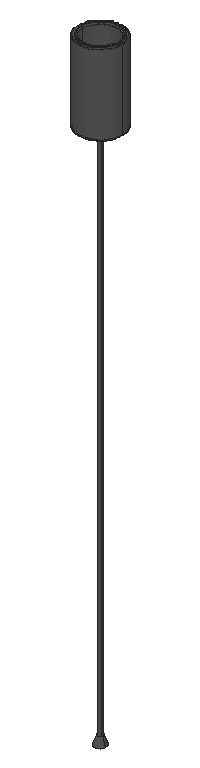
Revit family "CARLO CYLINDER LIGHT Pendant_ Surface", category Lighting Fixtures, host Face, Revit 2020 (continued)
Types (13): name | Wattage_Input | Wattage Comments | Wattage | built-in parameter 1150134 | Size 08 | Size 04 | Photometric Web File | built-in parameter 1150142 | Model | built-in parameter 1150105 | Lumens | built-in parameter 1150107 | built-in parameter 1150106 | Fixture Height | Fixture Diameter | BEAMING ANGLE | Apparent Load
  CCL4-12-20SPSW8-25-PSM-BK | 20 W | "12W/16W/20W" | 11.4446 W | (empty or 0) | no | yes | "CCL4_20W_2700K_25__.IES" | "IESNA:LM-63-2002\r\n[TEST] 001\r\n[TESTLAB] \r\n[TESTDATE] 2024-05-21\r\n[ISSUEDATE] 2024-05-21 11:19:26\r\n[LAMPPOSITION] 0,0\r\n[OTHER] EVERFINE GO-2000B_V1 SYSTEM\r\n[MANUFAC] Aboveall lighting\r\n[LUMINAIRE] CCL4 20W 2700K 25¡ã  \r\nTILT=NONE\r\n1 1658.3 1 181 17 1 2 -0.104 -0.104 0.000\r\n1.000 1 20.089\r\n0.0    1.0    2.0    3.0    4.0    5.0    6.0    7.0    8.0    9.0    \r\n 10.0   11.0   12.0   13.0   14.0   15.0   16.0   17.0   18.0   19.0   \r\n 20.0   21.0   22.0   23.0   24.0   25.0   26.0   27.0   28.0   29.0   \r\n 30.0   31.0   32.0   33.0   34.0   35.0   36.0   37.0   38.0   39.0   \r\n 40.0   41.0   42.0   43.0   44.0   45.0   46.0   47.0   48.0   49.0   \r\n 50.0   51.0   52.0   53.0   54.0   55.0   56.0   57.0   58.0   59.0   \r\n 60.0   61.0   62.0   63.0   64.0   65.0   66.0   67.0   68.0   69.0   \r\n 70.0   71.0   72.0   73.0   74.0   75.0   76.0   77.0   78.0   79.0   \r\n 80.0   81.0   82.0   83.0   84.0   85.0   86.0   87.0   88.0   89.0   \r\n 90.0   91.0   92.0   93.0   94.0   95.0   96.0   97.0   98.0   99.0   \r\n 100.0  101.0  102.0  103.0  104.0  105.0  106.0  107.0  108.0  109.0  \r\n 110.0  111.0  112.0  113.0  114.0  115.0  116.0  117.0  118.0  119.0  \r\n 120.0  121.0  122.0  123.0  124.0  125.0  126.0  127.0  128.0  129.0  \r\n 130.0  131.0  132.0  133.0  134.0  135.0  136.0  137.0  138.0  139.0  \r\n 140.0  141.0  142.0  143.0  144.0  145.0  146.0  147.0  148.0  149.0  \r\n 150.0  151.0  152.0  153.0  154.0  155.0  156.0  157.0  158.0  159.0  \r\n 160.0  161.0  162.0  163.0  164.0  165.0  166.0  167.0  168.0  169.0  \r\n 170.0  171.0  172.0  173.0  174.0  175.0  176.0  177.0  178.0  179.0  \r\n 180.0  \r\n0.0    22.5   45.0   67.5   90.0   112.5  135.0  157.5  180.0  202.5  \r\n 225.0  247.5  270.0  292.5  315.0  337.5  360.0  \r\n6620.4 6652.3 6568 6397.9 6165.2 5903.7 5559.2 5163.1 4721.7 4267.2 \r\n 3801.1 3347.9 2919.3 2515.1 2160.6 1844.2 1583.4 1360.8 1169.9 1045.3 \r\n 921.53 833.22 773.31 723.13 684.52 655.37 632.32 615.14 601.04 590.77 \r\n 580.93 573.35 566.01 548.86 536.53 525.2 512.07 487.51 449.01 404.05 \r\n 349.99 300.35 242.91 192.15 141.99 103.46 65.068 44.767 37.827 31.722 \r\n 26.838 23.61 21.413 19.408 17.365 15.227 13.059 10.995 9.1181 7.4182 \r\n 5.8075 4.5112 3.5 2.7541 2.2137 1.8503 1.6001 1.4108 1.2975 1.1891 \r\n 1.1165 1.0402 0.99191 0.93581 0.86771 0.81137 0.74723 0.69094 0.6268 0.56257 \r\n 0.49834 0.43808 0.3739 0.30984 0.24561 0.19724 0.14511 0.096885 0.05268 0.00058608 \r\n 0 0 0 0 0 0 0 0 0 0 \r\n 0 0 0 0 0 0.015892 0.043795 0.06793 0.10788 0.13612 \r\n 0.18009 0.22028 0.26042 0.31644 0.3647 0.42082 0.46908 0.52504 0.5852 0.64938 \r\n 0.70965 0.7778 0.84604 0.92222 1.0025 1.0788 1.163 1.2433 1.3432 1.4436 \r\n 1.5637 1.6881 1.8245 1.9848 2.1453 2.3377 2.5383 2.7589 3.0114 3.2643 \r\n 3.5364 3.8371 4.1461 4.475 4.8002 5.1373 5.4666 5.8116 6.141 6.4582 \r\n 6.7793 7.0719 7.357 7.6222 7.8594 8.0962 8.2894 8.4821 8.6549 8.8156 \r\n 8.9762 9.1249 9.2611 9.3857 9.4903 9.5788 9.6553 9.7117 9.752 9.7644 \r\n 9.7645 9.7645 9.7089 9.6291 9.5409 9.4605 9.3802 9.3078 9.2633 9.2589 \r\n 9.2385 \r\n6620.4 6671.5 6601.3 6437.7 6217 5957.8 5628 5236.9 4806.7 4342.2 \r\n 3882.9 3425 2992.6 2605.6 2219.2 1896.5 1623.1 1388.3 1200.2 1051.1 \r\n 931.43 840.71 774.77 725.65 687.26 656.64 633.41 614.66 599.86 588.68 \r\n 579.09 569.22 560.63 548.43 535.8 525.2 512.11 488.36 450.4 404.21 \r\n 352.16 301.57 248.07 194.59 143.15 100.21 66.285 45.59 38.906 33.164 \r\n 28.078 24.835 21.975 19.962 17.761 15.65 13.433 11.442 9.5828 7.8012 \r\n 6.1736 4.7767 3.6868 2.9299 2.3237 1.8812 1.5954 1.3943 1.2574 1.1567 \r\n 1.0722 1.0076 0.94317 0.88661 0.82219 0.76978 0.70129 0.64472 0.57621 0.51571 \r\n 0.45516 0.39069 0.33418 0.27364 0.20921 0.15681 0.10851 0.056127 0.012005 0 \r\n 0 0 0 0 0 0 0 0 0 0 \r\n 0 0.000066 0.0081677 0.020304 0.036512 0.060715 0.084956 0.11323 0.1455 0.17774 \r\n 0.21808 0.25849 0.30686 0.35126 0.39971 0.45218 0.50873 0.5732 0.62971 0.69021 \r\n 0.75062 0.81919 0.8878 0.96044 1.0371 1.1179 1.2066 1.2953 1.3802 1.4852 \r\n 1.5982 1.7194 1.8563 2.0097 2.1751 2.3528 2.5467 2.7726 3.0068 3.2651 \r\n 3.5395 3.8222 4.1369 4.4548 4.7856 5.1244 5.4553 5.7981 6.1369 6.4716 \r\n 6.7901 7.0886 7.3868 7.6529 7.9061 8.1279 8.3415 8.539 8.7084 8.8817 \r\n 9.039 9.1922 9.3292 9.4541 9.5668 9.6512 9.7277 9.7838 9.7838 9.7836 \r\n 9.7633 9.7307 9.662 9.5773 9.4966 9.4078 9.3193 9.2513 9.2312 9.2231 \r\n 9.2385 \r\n6620.4 6638.8 6549.5 6368.4 6138.6 5868.8 5522.5 5124.4 4682.7 4223.9 \r\n 3762.5 3317 2886.3 2484.5 2133 1813.2 1544.5 1322.8 1168.1 1014.1 \r\n 904.04 818.36 755.82 707.92 672.71 646.16 623.57 606.08 592.88 581.74 \r\n 571.09 562.5 554.93 542.76 531.2 520.16 506.91 477.63 435.68 390.58 \r\n 337.54 284.32 230.83 181.95 133.55 95.344 57.247 42.718 37.553 32.257 \r\n 27.95 24.506 21.823 19.748 17.684 15.485 13.46 11.364 9.5599 7.7907 \r\n 6.0977 4.6812 3.6107 2.8357 2.2678 1.862 1.5739 1.351 1.2447 1.1597 \r\n 1.0909 1.0142 0.96161 0.90114 0.84455 0.78801 0.72748 0.67488 0.60641 0.54574 \r\n 0.48117 0.41655 0.35992 0.30354 0.247 0.18647 0.14185 0.093433 0.048961 0.00054427 \r\n 0 0 0 0 0 0 0 0 0 0 \r\n 0 0 0 0 0 0.019985 0.048097 0.080354 0.11266 0.14497 \r\n 0.18526 0.22964 0.27806 0.32253 0.37494 0.43144 0.48798 0.54437 0.60489 0.66547 \r\n 0.73004 0.80264 0.86735 0.94395 1.0207 1.0974 1.1901 1.267 1.3635 1.4724 \r\n 1.5974 1.7186 1.8637 2.017 2.1905 2.3761 2.5779 2.7998 3.0499 3.3043 \r\n 3.5779 3.8765 4.1833 4.5142 4.8494 5.1806 5.5237 5.859 6.1942 6.5174 \r\n 6.8325 7.1228 7.4055 7.6683 7.9069 8.1292 8.3314 8.5093 8.683 8.8447 \r\n 9.0063 9.1518 9.2848 9.3942 9.5032 9.5804 9.6451 9.6858 9.7142 9.7185 \r\n 9.7225 9.6627 9.5941 9.5137 9.4169 9.324 9.2271 9.1501 9.0934 9.0807 \r\n 9.2385 \r\n6620.4 6623.5 6516.6 6325.3 6088.9 5814.8 5448.8 5046.9 4608.1 4146 \r\n 3689.3 3242.5 2836.1 2430.2 2077.8 1762.4 1507.5 1290.9 1119.7 985.32 \r\n 880.44 800.55 740.76 696.58 662.85 636.73 616.83 601.59 589.36 580.4 \r\n 571.6 562.51 554.44 541.22 530.54 519.18 504.86 473.62 432.87 385.35 \r\n 333.56 282.99 232.47 181.98 134.65 89.764 57.078 42.018 36.973 32.35 \r\n 28.519 25.641 22.359 20.197 18.112 16.011 13.842 11.695 9.7535 7.9063 \r\n 6.2574 4.76 3.568 2.7994 2.2144 1.8058 1.5146 1.3246 1.2072 1.1061 \r\n 1.0372 0.96833 0.9116 0.85881 0.79807 0.74545 0.68463 0.6238 0.56298 0.50216 \r\n 0.44134 0.38045 0.31159 0.25077 0.18999 0.13326 0.080751 0.03621 0 0 \r\n 0 0 0 0 0 0 0 0 0 0 \r\n 0.000032 0.0041533 0.016318 0.028552 0.048862 0.073228 0.10157 0.12598 0.1585 0.19893 \r\n 0.23948 0.28012 0.33277 0.37744 0.43019 0.48695 0.54368 0.59647 0.65737 0.72626 \r\n 0.79096 0.85593 0.9329 1.0019 1.083 1.1642 1.2533 1.3346 1.432 1.5456 \r\n 1.6592 1.7851 1.9307 2.085 2.2635 2.4501 2.6491 2.8803 3.1238 3.3875 \r\n 3.6674 3.9676 4.28 4.6116 4.9442 5.2848 5.6253 5.9619 6.3023 6.6225 \r\n 6.9306 7.2305 7.5141 7.7734 8.0119 8.2307 8.4292 8.6157 8.7899 8.952 \r\n 9.106 9.2479 9.3855 9.499 9.6041 9.6809 9.7454 9.7696 9.7695 9.7652 \r\n 9.7286 9.6757 9.5985 9.5091 9.4038 9.3025 9.2134 9.1327 9.0763 9.0723 \r\n 9.2385 \r\n6620.4 6613.5 6490.3 6284.5 6034 5744.8 5376.7 4969.2 4523.7 4071.8 \r\n 3615.3 3163.3 2761.9 2361 2010.9 1712.5 1471.4 1259.5 1092.7 961.11 \r\n 862.96 786.99 731.08 689.57 658.35 634.67 615.43 601.78 589.95 581.16 \r\n 573.61 566.48 559.97 543.55 531.13 519.73 503.74 473.09 431.89 386.78 \r\n 334.25 285.72 233.94 182.21 135.73 93.276 61.21 45.428 40.343 35.88 \r\n 31.929 27.57 22.24 20.28 18.1 15.962 13.777 11.578 9.5888 7.7418 \r\n 6.0659 4.6516 3.5694 2.8366 2.2633 1.8771 1.586 1.4125 1.2668 1.1682 \r\n 1.0853 1.0105 0.95895 0.88798 0.82872 0.76954 0.7025 0.64706 0.57994 0.51673 \r\n 0.45352 0.3903 0.32714 0.26788 0.20857 0.14555 0.098232 0.046952 0.0039084 0 \r\n 0 0 0 0 0 0 0 0 0.000040 0.0040323 \r\n 0.011892 0.015886 0.023876 0.039679 0.055528 0.075376 0.10294 0.12289 0.15839 0.18995 \r\n 0.22555 0.26514 0.31251 0.35592 0.39561 0.45092 0.50609 0.54979 0.61305 0.68011 \r\n 0.73933 0.81033 0.86971 0.941 1.0278 1.1029 1.186 1.2767 1.3561 1.4628 \r\n 1.5735 1.6918 1.8184 1.9608 2.1189 2.289 2.4789 2.6884 2.9099 3.155 \r\n 3.4083 3.6968 3.9933 4.3046 4.6248 4.9567 5.2964 5.6323 5.968 6.2998 \r\n 6.6198 6.9396 7.2474 7.5239 7.7955 8.0404 8.2772 8.4944 8.6997 8.8931 \r\n 9.0748 9.2521 9.3905 9.5326 9.6666 9.7728 9.8594 9.9182 9.9339 9.9376 \r\n 9.9215 9.8818 9.8262 9.743 9.6444 9.5535 9.459 9.3769 9.3769 9.3809 \r\n 9.2385 \r\n6620.4 6556.8 6390 6155.2 5883.5 5549.5 5162.9 4733 4281.7 3832.8 \r\n 3381.2 2948.5 2537 2169.3 1845.1 1580.1 1357.4 1171.6 1039.6 908.18 \r\n 822.62 756.47 705.83 668.66 642.42 622.95 608.17 595.47 585.07 577.22 \r\n 569.87 563.2 556.16 538.78 527.7 514.32 491.82 457.1 414.99 365.25 \r\n 314.84 261.94 211.5 162.41 120.92 79.499 52.217 43.069 38.099 33.744 \r\n 29.767 23.937 21.197 18.912 16.821 14.695 12.424 10.443 8.5235 6.8488 \r\n 5.2392 4.0474 3.1466 2.5045 2.0774 1.7743 1.5511 1.3798 1.2562 1.1725 \r\n 1.093 1.0214 0.96579 0.89444 0.84653 0.77917 0.7195 0.65203 0.5963 0.54067 \r\n 0.46929 0.41748 0.34217 0.28262 0.22302 0.16342 0.1117 0.063983 0.016305 0.00013483 \r\n 0 0 0 0 0 0 0 0 0 0 \r\n 0 0 0 0.0078823 0.019771 0.039577 0.067255 0.091132 0.12284 0.15856 \r\n 0.19432 0.24189 0.28169 0.32931 0.38092 0.42863 0.4842 0.53967 0.59923 0.65883 \r\n 0.72629 0.79384 0.86532 0.94472 1.0124 1.0957 1.1791 1.2625 1.3575 1.4647 \r\n 1.5798 1.7108 1.8419 1.9967 2.1634 2.3421 2.5446 2.7669 3.0052 3.2554 \r\n 3.5247 3.8067 4.1163 4.4341 4.7559 5.0935 5.4233 5.7609 6.0947 6.4206 \r\n 6.7346 7.0358 7.322 7.5884 7.8428 8.0853 8.304 8.5107 8.7055 8.8805 \r\n 9.0474 9.2064 9.3492 9.4686 9.5838 9.6676 9.7392 9.7871 9.8072 9.8153 \r\n 9.8193 9.7838 9.7205 9.6335 9.5539 9.4705 9.4068 9.3589 9.3349 9.3307 \r\n 9.2385 \r\n6620.4 6528.4 6338.8 6098.8 5802.4 5457.3 5040.3 4608 4149 3706.7 \r\n 3257.6 2835.4 2440.2 2082.8 1788.4 1531.3 1316.2 1136.4 995.19 886.29 \r\n 804.7 742.5 696.8 664.38 640.18 621.56 606.45 594.83 584.35 576.25 \r\n 569.33 563.65 554.28 536.95 526.5 513.1 489.51 452.8 406.9 356.08 \r\n 306.14 254.3 202.48 152.33 109.1 71.735 47.834 40.778 35.505 31.183 \r\n 27.363 22.102 20.006 17.765 15.713 13.564 11.443 9.4746 7.6576 6.001 \r\n 4.5858 3.5721 2.8369 2.3197 1.9112 1.6247 1.3981 1.2471 1.1476 1.0679 \r\n 0.99232 0.93647 0.88044 0.80889 0.75693 0.69734 0.64537 0.58159 0.52176 0.46188 \r\n 0.39815 0.34217 0.2745 0.21866 0.16286 0.11096 0.05539 0.011841 0 0 \r\n 0 0 0 0 0 0 0 0 0 0.000083 \r\n 0.0081034 0.02007 0.032125 0.052024 0.067979 0.084076 0.11205 0.14396 0.17592 0.21164 \r\n 0.23981 0.29153 0.33155 0.38332 0.42733 0.48308 0.53104 0.58703 0.65474 0.71457 \r\n 0.7744 0.8501 0.918 0.99383 1.0736 1.1495 1.2372 1.3251 1.4249 1.5327 \r\n 1.6486 1.78 1.9198 2.0794 2.2511 2.4348 2.6384 2.862 3.1016 3.3649 \r\n 3.6285 3.9239 4.2391 4.5573 4.8766 5.2156 5.5468 5.8858 6.2206 6.5396 \r\n 6.8507 7.1576 7.4405 7.7036 7.954 8.1813 8.4004 8.5997 8.7831 8.9625 \r\n 9.1258 9.2733 9.4126 9.5242 9.6277 9.7149 9.7704 9.794 9.7899 9.7738 \r\n 9.7414 9.6735 9.5938 9.5178 9.4302 9.3546 9.2913 9.2677 9.2678 9.2839 \r\n 9.2385 \r\n6620.4 6486.5 6269.5 6004.8 5689.4 5316.5 4885.2 4429 3968.1 3518.3 \r\n 3082.8 2665.6 2286.6 1959.2 1677.8 1442.2 1239.6 1097.2 955.3 856.8 \r\n 783.51 728.89 689.1 658.98 634.82 617.16 603.74 592.16 584.45 576.82 \r\n 568.46 562.42 550.66 536.25 524.55 510.14 481.65 441.63 395.94 342.65 \r\n 290.85 238.32 186.31 135.77 96.67 57.671 41.828 36.636 31.461 27.904 \r\n 24.931 20.713 18.63 16.567 14.389 12.34 10.317 8.4413 6.7096 5.1421 \r\n 4.0489 3.1764 2.557 2.1107 1.797 1.552 1.3712 1.2585 1.1542 1.0859 \r\n 1.0098 0.96152 0.89772 0.84949 0.79349 0.73344 0.67732 0.61727 0.55718 0.49312 \r\n 0.42108 0.35693 0.29681 0.24481 0.18481 0.13265 0.084545 0.040444 0.00034963 0 \r\n 0 0 0 0 0 0 0 0 0 0 \r\n 0 0 0 0.011921 0.027913 0.047912 0.075818 0.10386 0.13983 0.17192 \r\n 0.2119 0.2599 0.29606 0.34403 0.39607 0.44417 0.50814 0.56413 0.62021 0.6882 \r\n 0.75629 0.82836 0.8965 0.97254 1.0487 1.1367 1.2288 1.313 1.4207 1.5367 \r\n 1.6608 1.7969 1.945 2.1131 2.2972 2.4894 2.7095 2.9457 3.198 3.4623 \r\n 3.7497 4.0461 4.3663 4.6947 5.0232 5.3557 5.6921 6.0246 6.3571 6.6737 \r\n 6.9743 7.266 7.5385 7.7951 8.0276 8.2481 8.4525 8.6369 8.8172 8.9816 \r\n 9.1419 9.2862 9.4102 9.5106 9.6068 9.6711 9.7194 9.7476 9.7478 9.7478 \r\n 9.7041 9.6362 9.5522 9.4842 9.3844 9.308 9.2438 9.2075 9.2032 9.223 \r\n 9.2385 \r\n6620.4 6484 6267.7 6001.3 5678.2 5294.4 4856.3 4401 3928.7 3484.9 \r\n 3044.3 2650.9 2258.2 1937.9 1666.8 1428.5 1232.4 1072.1 948.72 853.34 \r\n 782.38 731.87 692.73 661.66 637.99 619.23 605.92 594.39 586.66 578.67 \r\n 570.97 564.74 552.09 537.36 525.49 510.58 483.31 443.47 397.13 343.99 \r\n 292.96 238.51 184.1 134.26 89.947 57.532 40.503 34.799 29.478 25.378 \r\n 23.151 20.712 18.687 16.573 14.41 12.303 10.214 8.3566 6.6334 5.1676 \r\n 3.9999 3.2113 2.599 2.1428 1.7993 1.5351 1.3433 1.2349 1.1231 1.0667 \r\n 0.99471 0.94247 0.88627 0.82997 0.76585 0.70984 0.65753 0.59338 0.5371 0.47282 \r\n 0.40458 0.33638 0.2722 0.21203 0.15583 0.099683 0.047678 0 0 0 \r\n 0 0 0 0 0 0 0 0 0.000041 0.0040972 \r\n 0.012126 0.020242 0.036255 0.048389 0.068461 0.088581 0.11272 0.14096 0.18096 0.20918 \r\n 0.25727 0.29746 0.34162 0.38577 0.43007 0.48631 0.54643 0.59872 0.65898 0.72321 \r\n 0.78731 0.85563 0.9319 1.0082 1.0886 1.1729 1.2652 1.3498 1.4582 1.5668 \r\n 1.6993 1.8316 1.9803 2.149 2.3259 2.5268 2.7478 2.9849 3.242 3.5151 \r\n 3.8004 4.1056 4.4229 4.7511 5.0724 5.4135 5.7428 6.0799 6.4048 6.7139 \r\n 7.0229 7.3156 7.5843 7.8331 8.073 8.2857 8.4903 8.6788 8.8554 9.0278 \r\n 9.1803 9.3325 9.4568 9.5689 9.6531 9.7287 9.7565 9.7604 9.7522 9.7238 \r\n 9.6714 9.6029 9.5066 9.414 9.3018 9.2057 9.1303 9.1225 9.1391 9.2034 \r\n 9.2385 \r\n6620.4 6475.4 6265.9 5991.4 5651.9 5255.9 4807.2 4336 3867.5 3414.1 \r\n 2970 2566.2 2195.7 1878.5 1612.7 1392 1203.2 1068.2 933.68 846.58 \r\n 782.02 730.89 691.63 661.57 638.16 621.08 606.83 596.99 588.85 580.9 \r\n 574 567.37 552.95 539.21 526.77 511 482.69 442.57 395.78 341.72 \r\n 288.68 234.3 181.43 131.36 93.309 55.365 39.258 35.554 30.526 25.7 \r\n 23.129 21.251 19.175 16.962 14.676 12.548 10.37 8.4682 6.6923 5.2056 \r\n 4.0614 3.1745 2.5307 2.0531 1.745 1.4904 1.3442 1.231 1.146 1.0853 \r\n 1.0168 0.96825 0.904 0.86342 0.79912 0.74257 0.69009 0.62565 0.56511 0.5006 \r\n 0.44006 0.37555 0.31101 0.24665 0.19808 0.14568 0.097235 0.044832 0.00038728 0 \r\n 0 0 0 0 0 0 0 0 0 0 \r\n 0 0 0 0.0040014 0.024045 0.048217 0.080341 0.10462 0.13682 0.17708 \r\n 0.20942 0.25769 0.2981 0.34643 0.39084 0.44722 0.49969 0.55598 0.62443 0.68103 \r\n 0.74549 0.81803 0.89463 0.96728 1.0439 1.1405 1.2253 1.3141 1.4185 1.5354 \r\n 1.6644 1.8054 1.9586 2.1279 2.3213 2.5189 2.7446 2.9825 3.2485 3.5187 \r\n 3.8082 4.1146 4.4332 4.7639 5.0946 5.4254 5.7602 6.091 6.4178 6.7285 \r\n 7.0271 7.3168 7.5793 7.8295 8.0596 8.2656 8.4633 8.653 8.8186 8.9799 \r\n 9.1373 9.2746 9.3914 9.5004 9.5734 9.646 9.6826 9.6989 9.7031 9.6991 \r\n 9.639 9.5705 9.4779 9.3734 9.2766 9.1877 9.123 9.0824 9.078 9.098 \r\n 9.2385 \r\n6620.4 6498.6 6303.9 6062.8 5722.9 5331.5 4883.1 4419.9 3940.4 3489.4 \r\n 3043.8 2645.6 2248.4 1930 1660 1426.4 1232.7 1073.9 952.75 860.76 \r\n 791.88 738.61 697.71 666.75 641.85 623.37 610.48 600.06 589.8 581.21 \r\n 574.56 568.81 559.76 543.11 531 516.45 490.02 450.99 404.33 352.03 \r\n 300.14 249.43 198.7 145.64 100.5 63.565 40.71 35.938 32.326 28.311 \r\n 24.89 22.422 20.278 18.142 15.829 13.627 11.387 9.2612 7.3579 5.7094 \r\n 4.3488 3.3587 2.6507 2.1638 1.8182 1.5484 1.3472 1.2221 1.1057 1.049 \r\n 0.97645 0.91981 0.85524 0.79476 0.74221 0.68579 0.62529 0.57266 0.508 0.43943 \r\n 0.37881 0.31424 0.2538 0.20524 0.14875 0.096349 0.051964 0 0 0 \r\n 0 0 0 0 0 0 0 0 0.000082 0.0081174 \r\n 0.012156 0.016327 0.032481 0.04859 0.060847 0.085126 0.1134 0.14167 0.17004 0.20629 \r\n 0.24268 0.28311 0.32757 0.37604 0.42455 0.47705 0.5296 0.58614 0.64283 0.71133 \r\n 0.76784 0.8365 0.90524 0.98201 1.0628 1.1477 1.2365 1.3215 1.4226 1.5358 \r\n 1.6611 1.7902 1.9398 2.1055 2.2874 2.4815 2.6997 2.9261 3.1766 3.4394 \r\n 3.7223 4.0254 4.3405 4.6668 4.9941 5.3372 5.6645 6.0116 6.3387 6.6576 \r\n 6.9644 7.2589 7.5291 7.7714 8.0088 8.2307 8.4286 8.6221 8.
